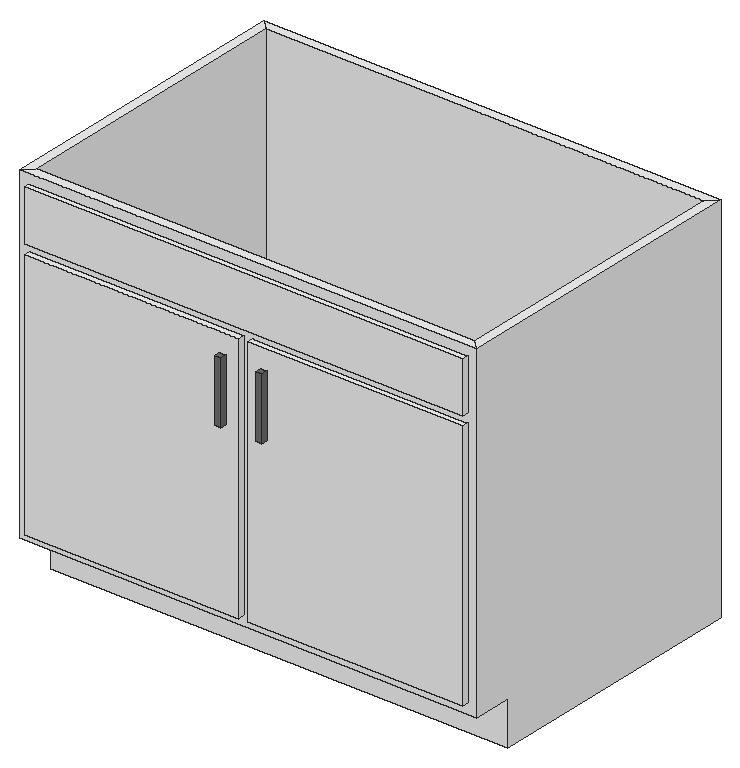
Revit family "b1a722d0994947eb9ce8392f24ef5a1d", category Casework, Revit 2021
Family settings
  OmniClass Number = 23.40.35.17.47.14
  OmniClass Title = Bathroom Casework
  Seek Item ID = Vanity Cabinet-Double Door Sink Unit-0000-USA-ENU
  Work Plane-Based = No
  Always vertical = Yes
  Cut with Voids When Loaded = No
  Shared = No
  Room Calculation Point = No
Parameters (values of type "36"")
  Default Elevation = 0' - 0"
  Assembly Code = "C1030410"
  Cabinet Material = none
  Depth = 2' - 0"
  Door/Drawer Material = none
  Handle Material = Cabinets - Handles
  Height = 2' - 5 1/2"
  Toe Depth = 0' - 3"
  Toe Height = 0' - 3 1/2"
  Width = 3' - 0"
Types (10): name | Door/Drawer Material | Handle Material | Width
  (no name) | none | Cabinets - Handles | 3' - 0"
  30" | none | Cabinets - Handles | 2' - 6"
  24" | none | Cabinets - Handles | 2' - 0"
  27" | none | Cabinets - Handles | 2' - 3"
  33" | none | Cabinets - Handles | 2' - 9"
  36" | none | Cabinets - Handles | 3' - 0"
  39" | none | Cabinets - Handles | 3' - 3"
  42" | Cabinets | none | 3' - 6"
  45" | none | Cabinets - Handles | 3' - 9"
  48" | none | Cabinets - Handles | 4' - 0"
Reference planes (in)
  plane 1 "Back": y = 0
  plane 2: z = 0
  plane 3 "Center": x = 0.7377
  plane 4 "Left": x = -17.2623
  plane 5 "Right": x = 18.7377
  plane 6 "Front": y = -24
  plane 7 "Top": z = 29.5
  plane 8: y = -21
  plane 9: z = 3.5
  plane 10: z = 28.75
  plane 11: z = 4.25
  plane 12: x = -16.5123
  plane 13: x = 17.9877
  plane 14: z = 24.75
  plane 15: z = 24
  plane 16: z = 22.5
  plane 17: z = 18.5
  plane 18: x = -0.6373
  plane 19: x = -1.1373
  plane 20: x = 0.3627
  plane 21: x = 1.1127
  plane 22: x = 2.1127
  plane 23: x = 2.6127
Forms (in)
  Extrusion 1, solid, material <- "Cabinet Material"
    sketch origin (0, 0, 0) x (1, 0, 0) y (0, 1, 0)
      loop
        line (-17.2623, 0) -> (-17.2623, -21) -> (18.7377, -21) -> (18.7377, 0) -> (-17.2623, 0)
    from 0 to 3.5
  Sweep 2, solid, material <- "Cabinet Material"
    path origin (0, 0, 0) x (1, 0, 0) y (0, 1, 0)
      loop
        line (18.7377, 0) -> (-17.2623, 0) -> (-17.2623, -24) -> (18.7377, -24) -> (18.7377, 0)
    profile origin (0, -12, 0) x (1, 0, 0) y (0, 0, 1)
      loop
        line (18.7377, 3.5) -> (18.7377, 29.5) -> (17.9877, 29.5) -> (17.9877, 3.5) -> (18.7377, 3.5)
  Extrusion 3, solid, material <- "Cabinet Material"
    sketch origin (0, 0, 0) x (1, 0, 0) y (0, 1, 0)
      loop
        line (-16.5123, -0.75) -> (-16.5123, -23.25) -> (17.9877, -23.25) -> (17.9877, -0.75) -> (-16.5123, -0.75)
    from 4.25 to 3.5
  Extrusion 4, solid, material <- "Door/Drawer Material"
    sketch origin (0, -24, 0) x (1, 0, 0) y (0, 0, 1)
      loop
        line (-16.5123, 24) -> (-16.5123, 4.25) -> (0.3627, 4.25) -> (0.3627, 24) -> (-16.5123, 24)
      loop
        line (1.1127, 24) -> (1.1127, 4.25) -> (17.9877, 4.25) -> (17.9877, 24) -> (1.1127, 24)
      loop
        line (-16.5123, 28.75) -> (-16.5123, 24.75) -> (17.9877, 24.75) -> (17.9877, 28.75) -> (-16.5123, 28.75)
    from 0 to 0.5
  Extrusion 5, solid, material "Cabinets - Handles" <- "Handle Material"
    sketch origin (0, -24, 0) x (1, 0, 0) y (0, 0, 1)
      loop
        line (-1.1373, 22.5) -> (-1.1373, 17.58937) -> (-0.6373, 17.58937) -> (-0.6373, 22.5) -> (-1.1373, 22.5)
      loop
        line (2.1127, 22.5) -> (2.1127, 17.58937) -> (2.6127, 17.58937) -> (2.6127, 22.5) -> (2.1127, 22.5)
    from 0.5 to 1
Cuts and joins
  joined: Extrusion 1, Sweep 2
Lines and regions (in)
  Masking region 1
    outline origin (0, 0, 0) x (1, 0, 0) y (0, 1, 0)
      loop
        line (-17.2623, 0) -> (-17.2623, -24) -> (18.7377, -24) -> (18.7377, 0) -> (-17.2623, 0)
  model lines
    curve 1: line (17.9877, -24, 24.75) -> (-16.5123, -24, 24.75)
    curve 2: line (17.9877, -24, 28.75) -> (17.9877, -24, 24.75)
    curve 3: line (-16.5123, -24, 28.75) -> (17.9877, -24, 28.75)
    curve 4: line (-16.5123, -24, 24.75) -> (-16.5123, -24, 28.75)
    curve 5: line (17.9877, -24, 4.25) -> (1.1127, -24, 4.25)
    curve 6: line (17.9877, -24, 24) -> (17.9877, -24, 4.25)
    curve 7: line (-16.5123, -24, 24) -> (0.3627, -24, 24)
    curve 8: line (-16.5123, -24, 4.25) -> (-16.5123, -24, 24)
    curve 9: line (-1.1373, -24, 22.5) -> (-0.6373, -24, 22.5)
    curve 10: line (-1.1373, -24, 18.5) -> (-1.1373, -24, 22.5)
    curve 11: line (-0.6373, -24, 18.5) -> (-1.1373, -24, 18.5)
    curve 12: line (-0.6373, -24, 22.5) -> (-0.6373, -24, 18.5)
    curve 13: line (1.1127, -24, 4.25) -> (1.1127, -24, 24)
    curve 14: line (0.3627, -24, 4.25) -> (0.3627, -24, 24)
    curve 15: line (2.6127, -24, 22.5) -> (2.1127, -24, 22.5)
    curve 16: line (2.6127, -24, 18.5) -> (2.6127, -24, 22.5)
    curve 17: line (2.1127, -24, 18.5) -> (2.6127, -24, 18.5)
    curve 18: line (2.1127, -24, 22.5) -> (2.1127, -24, 18.5)
    curve 19: line (1.1127, -24, 24) -> (17.9877, -24, 24)
    curve 20: line (0.3627, -24, 4.25) -> (-16.5123, -24, 4.25)
  model lines, style "InvisibleLines"
    curve 21: line (-16.5123, -24, 14.125) -> (-17.2623, -24, 14.125)
    curve 22: line (17.9877, -24, 14.125) -> (18.7377, -24, 14.125)
  model lines, style "Elevation Swing"
    curve 23: line (0.3627, -24, 24) -> (-16.5123, -24, 14.125)
    curve 24: line (-16.5123, -24, 14.125) -> (0.3627, -24, 4.25)
    curve 25: line (1.1127, -24, 24) -> (17.9877, -24, 14.125)
    curve 26: line (17.9877, -24, 14.125) -> (1.1127, -24, 4.25)
Dimensions and locks (in)
  "Depth": plane 6 "Front" to plane 1 "Back"
  "Width": plane 4 "Left" to plane 5 "Right"
  equal spacing: plane 4 "Left", plane 3 "Center", plane 5 "Right"
  "Height": level to plane 7 "Top"
  "Toe Height": plane 2 to plane 9
  "Toe Depth": plane 6 "Front" to plane 8
  locked: plane 4 "Left" to plane 12 at 0.75
  locked: plane 13 to plane 5 "Right" at 0.75
  locked: plane 7 "Top" to plane 10 at 0.75
  locked: plane 11 to plane 9 at 0.75
  plane 10 to plane 14 to plane 15 = 0' - 4" locked, 0' - 0 3/4" locked
  plane 15 to plane 16 to plane 17 = 0' - 1 1/2" locked, 0' - 4" locked
  plane 21 to plane 3 "Center" to plane 20 = 0' - 0 3/8" locked, 0' - 0 3/8" locked
  plane 20 to plane 18 to plane 19 = 0' - 1" locked, 0' - 0 1/2" locked
  plane 21 to plane 22 to plane 23 = 0' - 1" locked, 0' - 0 1/2" locked
  equal spacing: plane 15, curve 21, plane 11
  equal spacing: plane 15, curve 22, plane 11
  aligned and locked: plane 1 "Back" to Extrusion 1 sketch curve
  aligned and locked: Extrusion 1 sketch curve to plane 5 "Right"
  aligned and locked: Extrusion 1 sketch curve to plane 8
  aligned and locked: plane 4 "Left" to Extrusion 1 sketch curve
  aligned and locked: Extrusion 1 to level
  aligned and locked: Sweep 2 sketch curve to plane 6 "Front"
  aligned and locked: plane 1 "Back" to Sweep 2 sketch curve
  aligned and locked: Sweep 2 sketch curve to plane 5 "Right"  (x2)
  aligned and locked: plane 4 "Left" to Sweep 2 sketch curve
  aligned and locked: plane 7 "Top" to Sweep 2 sketch curve
  aligned and locked: plane 9 to Sweep 2 sketch curve
  aligned and locked: Sweep 2 to Extrusion 3 sketch curve  (x2)
  aligned and locked: Extrusion 3 sketch curve to Sweep 2  (x2)
  aligned and locked: Extrusion 3 to plane 11
  aligned and locked: Extrusion 3 to plane 9
  aligned and locked: plane 9 to Extrusion 1
  aligned and locked: plane 1 "Back" to Masking region 1 sketch curve
  aligned and locked: plane 4 "Left" to Masking region 1 sketch curve
  aligned and locked: Masking region 1 sketch curve to plane 5 "Right"
  aligned and locked: Masking region 1 sketch curve to plane 6 "Front"
Automatic sketch dimensions
  profile plane to Sweep 2 sketch curve = 0' - 0 3/4"
  curve 22 to plane 5 "Right" = 0' - 0"
  curve 22 to plane 13 = 0' - 0"
  curve 2 to plane 10 = 0' - 0"
  curve 2 to plane 13 = 0' - 0"
  curve 26 to plane 13 = 0' - 0"
  curve 16 to plane 16 = 0' - 0"
  curve 16 to plane 23 = 0' - 0"
  curve 18 to plane 17 = 0' - 0"
  curve 18 to plane 22 = 0' - 0"
  curve 19 to plane 15 = 0' - 0"
  curve 19 to plane 21 = 0' - 0"
  curve 26 to plane 11 = 0' - 0"
  curve 26 to plane 21 = 0' - 0"
  curve 25 to plane 15 = 0' - 0"
  curve 25 to plane 21 = 0' - 0"
  curve 14 to plane 15 = 0' - 0"
  curve 14 to plane 20 = 0' - 0"
  curve 23 to plane 15 = 0' - 0"
  curve 23 to plane 20 = 0' - 0"
  curve 24 to plane 11 = 0' - 0"
  curve 24 to plane 20 = 0' - 0"
  curve 11 to plane 17 = 0' - 0"
  curve 11 to plane 18 = 0' - 0"
  curve 11 to plane 19 = 0' - 0"
  curve 8 to plane 12 = 0' - 0"
  curve 23 to plane 12 = 0' - 0"
  curve 4 to plane 12 = 0' - 0"
  curve 21 to plane 4 "Left" = 0' - 0"
  curve 2 to plane 14 = 0' - 0"
  curve 10 to plane 16 = 0' - 0"
  curve 5 to plane 11 = 0' - 0"
  curve 8 to plane 11 = 0' - 0"
  curve 26 to curve 22 = 0' - 0"
  curve 24 to curve 21 = 0' - 0"
  Extrusion 4 sketch curve to plane 11 = 0' - 0"  (x2)
  Extrusion 4 sketch curve to plane 12 = 0' - 0"  (x2)
  Extrusion 4 sketch curve to plane 15 = 0' - 0"  (x2)
  Extrusion 4 sketch curve to plane 20 = 0' - 0"
  Extrusion 4 sketch curve to plane 21 = 0' - 0"
  Extrusion 4 sketch curve to plane 10 = 0' - 0"
  Extrusion 4 sketch curve to plane 13 = 0' - 0"  (x2)
  Extrusion 4 sketch curve to plane 14 = 0' - 0"
  Extrusion 5 sketch curve to plane 19 = 0' - 0"
  Extrusion 5 sketch curve to plane 18 = 0' - 0"
  Extrusion 5 sketch curve to plane 16 = 0' - 0"  (x2)
  Extrusion 5 sketch curve to plane 22 = 0' - 0"
  Extrusion 5 sketch curve to plane 23 = 0' - 0"
  plane 17 to Extrusion 5 sketch curve = 0' - 0.91063"  (x2)
